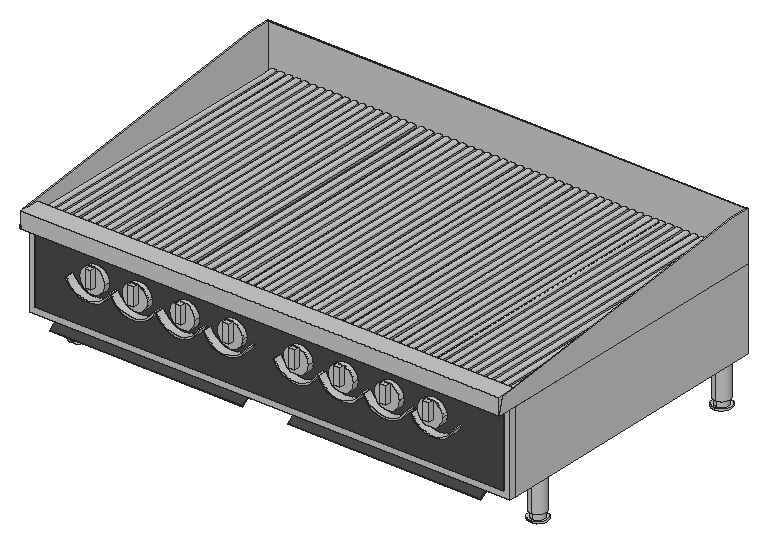
Revit family "QF_Vollrath_948CG", category Specialty Equipment, Revit 2016
Family settings
  Part Type = Normal
  Round Connector Dimension = Use Diameter
  OmniClass Number = 23.40.40.14.17.21
  OmniClass Title = Grills
  Work Plane-Based = No
  Always vertical = Yes
  Cut with Voids When Loaded = No
  Shared = No
  Room Calculation Point = No
Parameters (values of type "948CG")
  Width = 48.00"
  Weight in Pounds = 510
  Watermarked By = "http://revitwatermark.com"
  URL Cutsheet = ""
  URL = ""
  Status [instance] = ""
  Specification by User [instance] = ""
  Specification by Manufacturer [instance] = ""
  Serial Number [instance] = ""
  Seismic Rating [instance] = ""
  Revision Code [instance] = ""
  NAFEM Spec ID Number [instance] = ""
  Model = "948CG"
  Mechanical Remarks [instance] = ""
  Mechanical Connection Type [instance] = ""
  Masterspec [instance] = ""
  Manufacturer = "Vollrath"
  Length = 31.00"
  Item Number [instance] = "-"
  Installed By [instance] = ""
  Height AFF [instance] = 36.00"
  Gas Size = 3/4"
  Gas RI Height [instance] = 0.00"
  Gas Input = 160000.0 Btu/h
  Gas Connection Height [instance] = Height AFF + 5.375"  # 41.375"
  Furnished By [instance] = ""
  Foodservice Equipment Identifier [instance] = yes
  Description = "Heavy Duty Charbroiler"
  CSI MasterFormat = "11 44 00"
  Assembly Code = "E1090320"
Reference planes (in)
  plane 1: z = 0
  plane 2 "BOTTOM": z = 36
  plane 3 "LEFT CLEARANCE": x = -30.72076
  plane 4 "RIGHT CLEARANCE": x = 29.27924
  plane 5 "BACK CLEARANCE": y = 6
  plane 6 "FRONT": y = -31
  plane 7 "Top of Legs": z = 40
  plane 8 "LEFT": x = -24.72076
  plane 9 "RIGHT": x = 23.27924
  plane 10 "BACK": y = 0
  plane 11: z = 39.75
  plane 12: z = 39.5
  plane 13: x = -22.40972
  plane 14: x = -18.72076
  plane 15: x = -15.03179
  plane 16: z = 41.5
  plane 17: x = -12.72076
  plane 18: y = -0.125
  plane 19: x = -24.59576
  plane 20: z = 48.06
  plane 21: x = -6.72076
  plane 22 "TOP": z = 53.06
  plane 23: x = 2.27924
  plane 24: x = 8.27924
  plane 25: y = -53.12109
  plane 26: z = 48.51943
  plane 27: x = -0.72076
  plane 28: x = 5.27924
  plane 29: y = 1.5
Forms (in)
  Extrusion 1, solid, material "QF_Finishes_Stainless Steel"
    sketch origin (0, 0, 36) x (0, 1, 0) y (-1, 0, 0)
      loop
        circle (-2, 23.59576) r 0.9375
    from 0 to 0.125
  Extrusion 2, solid, material "QF_Finishes_Stainless Steel"
    sketch origin (0, 0, 36) x (0, 1, 0) y (-1, 0, 0)
      loop
        circle (-2, 23.59576) r 0.625
    from 0.125 to 0.75
  Extrusion 3, solid, material "QF_Finishes_Stainless Steel"
    sketch origin (0, 0, 36) x (0, 1, 0) y (-1, 0, 0)
      loop
        circle (-2, 23.59576) r 0.8125
    from 0.75 to 4
  Extrusion 4, solid, material "QF_Finishes_Stainless Steel"
    sketch origin (33.375, 0, 36) x (0, 1, 0) y (-1, 0, 0)
      loop
        circle (-2, 11.09576) r 0.9375
    from 0 to 0.125
  Extrusion 5, solid, material "QF_Finishes_Stainless Steel"
    sketch origin (33.375, 0, 36) x (0, 1, 0) y (-1, 0, 0)
      loop
        circle (-2, 11.09576) r 0.625
    from 0.125 to 0.75
  Extrusion 6, solid, material "QF_Finishes_Stainless Steel"
    sketch origin (33.375, 0, 36) x (0, 1, 0) y (-1, 0, 0)
      loop
        circle (-2, 11.09576) r 0.8125
    from 0.75 to 4
  Extrusion 7, solid, material "QF_Finishes_Stainless Steel"
    sketch origin (33.375, -24, 36) x (0, 1, 0) y (-1, 0, 0)
      loop
        circle (-1, 11.09576) r 0.9375
    from 0 to 0.125
  Extrusion 8, solid, material "QF_Finishes_Stainless Steel"
    sketch origin (33.375, -24, 36) x (0, 1, 0) y (-1, 0, 0)
      loop
        circle (-1, 11.09576) r 0.625
    from 0.125 to 0.75
  Extrusion 9, solid, material "QF_Finishes_Stainless Steel"
    sketch origin (33.375, -24, 36) x (0, 1, 0) y (-1, 0, 0)
      loop
        circle (-1, 11.09576) r 0.8125
    from 0.75 to 4
  Extrusion 10, solid, material "QF_Finishes_Stainless Steel"
    sketch origin (0, -24, 36) x (0, 1, 0) y (-1, 0, 0)
      loop
        circle (-1, 23.59576) r 0.9375
    from 0 to 0.125
  Extrusion 11, solid, material "QF_Finishes_Stainless Steel"
    sketch origin (0, -24, 36) x (0, 1, 0) y (-1, 0, 0)
      loop
        circle (-1, 23.59576) r 0.625
    from 0.125 to 0.75
  Extrusion 12, solid, material "QF_Finishes_Stainless Steel"
    sketch origin (0, -24, 36) x (0, 1, 0) y (-1, 0, 0)
      loop
        circle (-1, 23.59576) r 0.8125
    from 0.75 to 4
  Extrusion 13, solid, material "QF_Finishes_Stainless Steel"
    sketch origin (0, 0, 36) x (0, 1, 0) y (-1, 0, 0)
      loop
        line (0, 24.72076) -> (-29.04599, 24.72076) -> (-29.04599, -23.27924) -> (0, -23.27924) -> (0, 24.72076)
    from 4 to 12.05982
  Extrusion 14, solid, material "QF_Finishes_Black"
    sketch origin (0, 0, 0) x (1, 0, 0) y (0, 0, 1)
      loop
        line (-22.40972, 40) -> (-22.40972, 39.75) -> (-3.15972, 39.75) -> (-3.15972, 40) -> (-22.40972, 40)
    from 19.63646 to 29.04599
  Extrusion 15, solid, material "QF_Finishes_Black"
    sketch origin (0, 0, 0) x (1, 0, 0) y (0, 0, 1)
      loop
        line (-22.40972, 39.75) -> (-22.40972, 39.5) -> (-3.15972, 39.5) -> (-3.15972, 39.75) -> (-22.40972, 39.75)
    from 19.63646 to 29.04599
  Extrusion 16, solid, material "QF_Finishes_Black"
    sketch origin (0, -4, 0) x (1, 0, 0) y (0, 0, 1)
      loop
        line (-24.21829, 47.52818) -> (-24.21829, 40.59949) -> (22.65671, 40.59949) -> (22.65671, 47.52818) -> (-24.21829, 47.52818)
      loop
        circle (-13.79502, 45.36228) r 1.25
      loop
        circle (-18.04502, 45.36228) r 1.25
      loop
        circle (-9.04502, 45.36228) r 1.25
      loop
        circle (-4.29502, 45.36228) r 1.25
      loop
        circle (6.79531, 45.36228) r 1.25
      loop
        circle (2.29531, 45.36228) r 1.25
      loop
        circle (11.45498, 45.36228) r 1.25
      loop
        circle (15.70498, 45.36228) r 1.25
    from 25.04599 to 25.75
  Extrusion 17, solid, material "QF_Finishes_Stainless Steel"
    sketch origin (3.75, -4, 0) x (1, 0, 0) y (0, 0, 1)
      loop
        circle (-21.79502, 45.36228) r 1.25
    from 25.04599 to 26.25
  Extrusion 18, solid, material "QF_Finishes_Stainless Steel"
    sketch origin (3.75, -4, 0) x (1, 0, 0) y (0, 0, 1)
      loop
        line (-22.10719, 46.57267) -> (-22.10719, 44.83472) -> (-21.55452, 44.83472) -> (-21.55452, 46.57267) -> (-22.10719, 46.57267)
    from 26.25 to 26.75
  Extrusion 19, solid, material "QF_Finishes_Stainless Steel"
    sketch origin (17.5, -4, 0) x (1, 0, 0) y (0, 0, 1)
      loop
        circle (-21.79502, 45.36228) r 1.25
    from 25.04599 to 26.25
  Extrusion 20, solid, material "QF_Finishes_Stainless Steel"
    sketch origin (17.5, -4, 0) x (1, 0, 0) y (0, 0, 1)
      loop
        line (-22.10719, 46.57267) -> (-22.10719, 44.83472) -> (-21.55452, 44.83472) -> (-21.55452, 46.57267) -> (-22.10719, 46.57267)
    from 26.25 to 26.75
  Extrusion 21, solid, material "QF_Finishes_Black"
    sketch origin (-24.72076, 0, 0) x (0, 1, 0) y (0, 0, 1)
      loop
        line (-29.04599, 39.75) -> (-29.04599, 39.81748)
        arc (-29.04599, 39.81748) -> (-29.64263, 39.6735) -> (-30.1385, 39.31181) r 1.57025
        line (-30.1385, 39.31181) -> (-30.07487, 39.24818)
        arc (-30.07487, 39.24818) -> (-29.60779, 39.59619) -> (-29.04599, 39.75) r 1.57025
    from 2.31103 to 21.56103
  Extrusion 22, solid, material "QF_Finishes_Clearances", detail levels coarse
    sketch origin (0, 0, 36) x (0, 1, 0) y (-1, 0, 0)
      loop
        line (6, 30.72076) -> (-31, 30.72076) -> (-31, 24.72076) -> (6, 24.72076) -> (6, 30.72076)
    from 0 to 17.06
  Extrusion 23, solid, material "QF_Finishes_Clearances", detail levels coarse
    sketch origin (0, 0, 36) x (0, 1, 0) y (-1, 0, 0)
      loop
        line (6, -23.27924) -> (-31, -23.27924) -> (-31, -29.27924) -> (6, -29.27924) -> (6, -23.27924)
    from 0 to 17.06
  Extrusion 24, solid, material "QF_Finishes_Clearances", detail levels coarse
    sketch origin (0, 0, 36) x (0, 1, 0) y (-1, 0, 0)
      loop
        line (6, 24.72076) -> (0, 24.72076) -> (0, -23.27924) -> (6, -23.27924) -> (6, 24.72076)
    from 0 to 17.06
  Extrusion 25, solid, material "QF_Finishes_Stainless Steel"
    sketch origin (21.30465, 0, 0) x (1, 0, 0) y (0, 0, 1)
      loop
        circle (-15.53179, 41.5) r 0.375
    from -1.5 to 0
  Extrusion 26, solid, material "QF_Finishes_Stainless Steel"
    sketch origin (-36.59576, 0, 0) x (0, 1, 0) y (0, 0, 1)
      loop
        line (-30.61071, 49.60402) -> (-31.00644, 48.06) -> (0, 48.06) -> (0, 53.06) -> (-2.02013, 53.06) -> (-30.61071, 49.60402)
    from 11.875 to 12
  Extrusion 27, solid, material "QF_Finishes_Stainless Steel"
    sketch origin (-24.72076, 0, 0) x (0, 1, 0) y (0, 0, 1)
      loop
        line (-29.04599, 48.06) -> (-29.04599, 49.685) -> (-31, 49.685) -> (-31, 48.06) -> (-29.04599, 48.06)
    from 0.125 to 47.875
  Extrusion 28, solid, material "QF_Finishes_Stainless Steel"
    sketch origin (0, -4, 0) x (1, 0, 0) y (0, 0, 1)
      loop
        line (-24.72076, 48.06) -> (-24.72076, 40) -> (23.27924, 40) -> (23.27924, 48.06) -> (-24.72076, 48.06)
      loop
        line (-24.21829, 47.52818) -> (-24.21829, 40.59949) -> (22.65671, 40.59949) -> (22.65671, 47.52818) -> (-24.21829, 47.52818)
    from 25.04599 to 25.75
  Extrusion 29, solid, material "QF_Finishes_Stainless Steel"
    sketch origin (11.27924, 0, 0) x (0, 1, 0) y (0, 0, 1)
      loop
        line (-30.61026, 49.58067) -> (-31, 48.06) -> (0, 48.06) -> (0, 53.06) -> (-1.85356, 53.06) -> (-30.61026, 49.58067)
    from 11.875 to 12
  Extrusion 30, solid, material "QF_Finishes_Stainless Steel"
    sketch origin (-24.72076, 0, 0) x (0, 1, 0) y (0, 0, 1)
      loop
        line (-0.125, 53.06) -> (-0.125, 48.06) -> (0, 48.06) -> (0, 53.06) -> (-0.125, 53.06)
    from 0 to 48
  Extrusion 31, solid, material "QF_Finishes_Polished Steel"
    sketch origin (0, 0, 0.5) x (1, 0, 0) y (0, 0, 1)
      loop
        circle (-24.02485, 48.31421) r 0.25
    from 0 to 29.04599
  Extrusion 32, solid, material "QF_Finishes_Polished Steel"
    sketch origin (0.8089, 0, 0.5) x (1, 0, 0) y (0, 0, 1)
      loop
        circle (-24.02485, 48.31421) r 0.25
    from 0 to 29.04599
  Extrusion 33, solid, material "QF_Finishes_Polished Steel"
    sketch origin (1.62977, 0, 0.5) x (1, 0, 0) y (0, 0, 1)
      loop
        circle (-24.02485, 48.31421) r 0.25
    from 0 to 29.04599
  Extrusion 34, solid, material "QF_Finishes_Polished Steel"
    sketch origin (2.43868, 0, 0.5) x (1, 0, 0) y (0, 0, 1)
      loop
        circle (-24.02485, 48.31421) r 0.25
    from 0 to 29.04599
  Extrusion 35, solid, material "QF_Finishes_Polished Steel"
    sketch origin (3.25954, 0, 0.5) x (1, 0, 0) y (0, 0, 1)
      loop
        circle (-24.02485, 48.31421) r 0.25
    from 0 to 29.04599
  Extrusion 36, solid, material "QF_Finishes_Polished Steel"
    sketch origin (4.06845, 0, 0.5) x (1, 0, 0) y (0, 0, 1)
      loop
        circle (-24.02485, 48.31421) r 0.25
    from 0 to 29.04599
  Extrusion 37, solid, material "QF_Finishes_Polished Steel"
    sketch origin (4.88932, 0, 0.5) x (1, 0, 0) y (0, 0, 1)
      loop
        circle (-24.02485, 48.31421) r 0.25
    from 0 to 29.04599
  Extrusion 38, solid, material "QF_Finishes_Polished Steel"
    sketch origin (5.69822, 0, 0.5) x (1, 0, 0) y (0, 0, 1)
      loop
        circle (-24.02485, 48.31421) r 0.25
    from 0 to 29.04599
  Extrusion 39, solid, material "QF_Finishes_Polished Steel"
    sketch origin (6.51909, 0, 0.5) x (1, 0, 0) y (0, 0, 1)
      loop
        circle (-24.02485, 48.31421) r 0.25
    from 0 to 29.04599
  Extrusion 40, solid, material "QF_Finishes_Polished Steel"
    sketch origin (7.32799, 0, 0.5) x (1, 0, 0) y (0, 0, 1)
      loop
        circle (-24.02485, 48.31421) r 0.25
    from 0 to 29.04599
  Extrusion 41, solid, material "QF_Finishes_Polished Steel"
    sketch origin (8.14886, 0, 0.5) x (1, 0, 0) y (0, 0, 1)
      loop
        circle (-24.02485, 48.31421) r 0.25
    from 0 to 29.04599
  Extrusion 42, solid, material "QF_Finishes_Polished Steel"
    sketch origin (8.95777, 0, 0.5) x (1, 0, 0) y (0, 0, 1)
      loop
        circle (-24.02485, 48.31421) r 0.25
    from 0 to 29.04599
  Extrusion 43, solid, material "QF_Finishes_Polished Steel"
    sketch origin (9.76477, 0, 0.5) x (1, 0, 0) y (0, 0, 1)
      loop
        circle (-24.02485, 48.31421) r 0.25
    from 0 to 29.04599
  Extrusion 44, solid, material "QF_Finishes_Polished Steel"
    sketch origin (10.57367, 0, 0.5) x (1, 0, 0) y (0, 0, 1)
      loop
        circle (-24.02485, 48.31421) r 0.25
    from 0 to 29.04599
  Extrusion 45, solid, material "QF_Finishes_Polished Steel"
    sketch origin (11.39454, 0, 0.5) x (1, 0, 0) y (0, 0, 1)
      loop
        circle (-24.02485, 48.31421) r 0.25
    from 0 to 29.04599
  Extrusion 46, solid, material "QF_Finishes_Polished Steel"
    sketch origin (12.26638, 0, 0.5) x (1, 0, 0) y (0, 0, 1)
      loop
        circle (-24.02485, 48.31421) r 0.25
    from 0 to 29.04599
  Extrusion 47, solid, material "QF_Finishes_Polished Steel"
    sketch origin (13.08724, 0, 0.5) x (1, 0, 0) y (0, 0, 1)
      loop
        circle (-24.02485, 48.31421) r 0.25
    from 0 to 29.04599
  Extrusion 48, solid, material "QF_Finishes_Polished Steel"
    sketch origin (13.89615, 0, 0.5) x (1, 0, 0) y (0, 0, 1)
      loop
        circle (-24.02485, 48.31421) r 0.25
    from 0 to 29.04599
  Extrusion 49, solid, material "QF_Finishes_Polished Steel"
    sketch origin (15.40006, 0, 0.5) x (1, 0, 0) y (0, 0, 1)
      loop
        circle (-24.52485, 48.31421) r 0.25
    from 0 to 29.04599
  Extrusion 50, solid, material "QF_Finishes_Polished Steel"
    sketch origin (16.22092, 0, 0.5) x (1, 0, 0) y (0, 0, 1)
      loop
        circle (-24.52485, 48.31421) r 0.25
    from 0 to 29.04599
  Extrusion 51, solid, material "QF_Finishes_Polished Steel"
    sketch origin (17.09276, 0, 0.5) x (1, 0, 0) y (0, 0, 1)
      loop
        circle (-24.52485, 48.31421) r 0.25
    from 0 to 29.04599
  Extrusion 52, solid, material "QF_Finishes_Polished Steel"
    sketch origin (17.91363, 0, 0.5) x (1, 0, 0) y (0, 0, 1)
      loop
        circle (-24.52485, 48.31421) r 0.25
    from 0 to 29.04599
  Extrusion 53, solid, material "QF_Finishes_Polished Steel"
    sketch origin (18.72253, 0, 0.5) x (1, 0, 0) y (0, 0, 1)
      loop
        circle (-24.52485, 48.31421) r 0.25
    from 0 to 29.04599
  Extrusion 54, solid, material "QF_Finishes_Polished Steel"
    sketch origin (19.5434, 0, 0.5) x (1, 0, 0) y (0, 0, 1)
      loop
        circle (-24.52485, 48.31421) r 0.25
    from 0 to 29.04599
  Extrusion 55, solid, material "QF_Finishes_Polished Steel"
    sketch origin (20.3523, 0, 0.5) x (1, 0, 0) y (0, 0, 1)
      loop
        circle (-24.52485, 48.31421) r 0.25
    from 0 to 29.04599
  Extrusion 56, solid, material "QF_Finishes_Polished Steel"
    sketch origin (21.17317, 0, 0.5) x (1, 0, 0) y (0, 0, 1)
      loop
        circle (-24.52485, 48.31421) r 0.25
    from 0 to 29.04599
  Extrusion 57, solid, material "QF_Finishes_Polished Steel"
    sketch origin (21.98208, 0, 0.5) x (1, 0, 0) y (0, 0, 1)
      loop
        circle (-24.52485, 48.31421) r 0.25
    from 0 to 29.04599
  Extrusion 58, solid, material "QF_Finishes_Polished Steel"
    sketch origin (22.80294, 0, 0.5) x (1, 0, 0) y (0, 0, 1)
      loop
        circle (-24.52485, 48.31421) r 0.25
    from 0 to 29.04599
  Extrusion 59, solid, material "QF_Finishes_Polished Steel"
    sketch origin (23.61185, 0, 0.5) x (1, 0, 0) y (0, 0, 1)
      loop
        circle (-24.52485, 48.31421) r 0.25
    from 0 to 29.04599
  Extrusion 60, solid, material "QF_Finishes_Polished Steel"
    sketch origin (24.43272, 0, 0.5) x (1, 0, 0) y (0, 0, 1)
      loop
        circle (-24.52485, 48.31421) r 0.25
    from 0 to 29.04599
  Extrusion 61, solid, material "QF_Finishes_Polished Steel"
    sketch origin (25.24162, 0, 0.5) x (1, 0, 0) y (0, 0, 1)
      loop
        circle (-24.52485, 48.31421) r 0.25
    from 0 to 29.04599
  Extrusion 62, solid, material "QF_Finishes_Polished Steel"
    sketch origin (26.06249, 0, 0.5) x (1, 0, 0) y (0, 0, 1)
      loop
        circle (-24.52485, 48.31421) r 0.25
    from 0 to 29.04599
  Extrusion 63, solid, material "QF_Finishes_Polished Steel"
    sketch origin (26.87139, 0, 0.5) x (1, 0, 0) y (0, 0, 1)
      loop
        circle (-12.02485, 48.31421) r 0.25
    from 0 to 29.04599
  Extrusion 64, solid, material "QF_Finishes_Polished Steel"
    sketch origin (27.69226, 0, 0.5) x (1, 0, 0) y (0, 0, 1)
      loop
        circle (-12.02485, 48.31421) r 0.25
    from 0 to 29.04599
  Extrusion 65, solid, material "QF_Finishes_Polished Steel"
    sketch origin (28.50117, 0, 0.5) x (1, 0, 0) y (0, 0, 1)
      loop
        circle (-12.02485, 48.31421) r 0.25
    from 0 to 29.04599
  Extrusion 66, solid, material "QF_Finishes_Polished Steel"
    sketch origin (29.32203, 0, 0.5) x (1, 0, 0) y (0, 0, 1)
      loop
        circle (-12.02485, 48.31421) r 0.25
    from 0 to 29.04599
  Extrusion 67, solid, material "QF_Finishes_Polished Steel"
    sketch origin (30.13094, 0, 0.5) x (1, 0, 0) y (0, 0, 1)
      loop
        circle (-12.02485, 48.31421) r 0.25
    from 0 to 29.04599
  Extrusion 68, solid, material "QF_Finishes_Polished Steel"
    sketch origin (30.9518, 0, 0.5) x (1, 0, 0) y (0, 0, 1)
      loop
        circle (-12.02485, 48.31421) r 0.25
    from 0 to 29.04599
  Extrusion 69, solid, material "QF_Finishes_Polished Steel"
    sketch origin (31.76071, 0, 0.5) x (1, 0, 0) y (0, 0, 1)
      loop
        circle (-12.02485, 48.31421) r 0.25
    from 0 to 29.04599
  Extrusion 70, solid, material "QF_Finishes_Polished Steel"
    sketch origin (32.58158, 0, 0.5) x (1, 0, 0) y (0, 0, 1)
      loop
        circle (-12.02485, 48.31421) r 0.25
    from 0 to 29.04599
  Extrusion 71, solid, material "QF_Finishes_Polished Steel"
    sketch origin (33.40244, 0, 0.5) x (1, 0, 0) y (0, 0, 1)
      loop
        circle (-12.02485, 48.31421) r 0.25
    from 0 to 29.04599
  Extrusion 72, solid, material "QF_Finishes_Polished Steel"
    sketch origin (34.21135, 0, 0.5) x (1, 0, 0) y (0, 0, 1)
      loop
        circle (-12.02485, 48.31421) r 0.25
    from 0 to 29.04599
  Extrusion 73, solid, material "QF_Finishes_Stainless Steel"
    sketch origin (13.25, -4, 0) x (1, 0, 0) y (0, 0, 1)
      loop
        circle (-22.29502, 45.36228) r 1.25
    from 25.04599 to 26.25
  Extrusion 74, solid, material "QF_Finishes_Stainless Steel"
    sketch origin (13.25, -4, 0) x (1, 0, 0) y (0, 0, 1)
      loop
        line (-22.60719, 46.57267) -> (-22.60719, 44.83472) -> (-22.05452, 44.83472) -> (-22.05452, 46.57267) -> (-22.60719, 46.57267)
    from 26.25 to 26.75
  Extrusion 75, solid, material "QF_Finishes_Polished Steel"
    sketch origin (26.78759, 0, 0.5) x (1, 0, 0) y (0, 0, 1)
      loop
        circle (-24.52485, 48.31421) r 0.25
    from 0 to 29.04599
  Extrusion 76, solid, material "QF_Finishes_Polished Steel"
    sketch origin (27.59649, 0, 0.5) x (1, 0, 0) y (0, 0, 1)
      loop
        circle (-24.52485, 48.31421) r 0.25
    from 0 to 29.04599
  Extrusion 77, solid, material "QF_Finishes_Polished Steel"
    sketch origin (28.41736, 0, 0.5) x (1, 0, 0) y (0, 0, 1)
      loop
        circle (-24.52485, 48.31421) r 0.25
    from 0 to 29.04599
  Extrusion 78, solid, material "QF_Finishes_Polished Steel"
    sketch origin (29.22627, 0, 0.5) x (1, 0, 0) y (0, 0, 1)
      loop
        circle (-24.52485, 48.31421) r 0.25
    from 0 to 29.04599
  Extrusion 79, solid, material "QF_Finishes_Polished Steel"
    sketch origin (30.04713, 0, 0.5) x (1, 0, 0) y (0, 0, 1)
      loop
        circle (-24.52485, 48.31421) r 0.25
    from 0 to 29.04599
  Extrusion 80, solid, material "QF_Finishes_Polished Steel"
    sketch origin (30.85604, 0, 0.5) x (1, 0, 0) y (0, 0, 1)
      loop
        circle (-24.52485, 48.31421) r 0.25
    from 0 to 29.04599
  Extrusion 81, solid, material "QF_Finishes_Polished Steel"
    sketch origin (31.67691, 0, 0.5) x (1, 0, 0) y (0, 0, 1)
      loop
        circle (-24.52485, 48.31421) r 0.25
    from 0 to 29.04599
  Extrusion 82, solid, material "QF_Finishes_Polished Steel"
    sketch origin (32.48581, 0, 0.5) x (1, 0, 0) y (0, 0, 1)
      loop
        circle (-24.52485, 48.31421) r 0.25
    from 0 to 29.04599
  Extrusion 83, solid, material "QF_Finishes_Polished Steel"
    sketch origin (33.30668, 0, 0.5) x (1, 0, 0) y (0, 0, 1)
      loop
        circle (-24.52485, 48.31421) r 0.25
    from 0 to 29.04599
  Extrusion 84, solid, material "QF_Finishes_Polished Steel"
    sketch origin (34.03178, 0, 0.5) x (1, 0, 0) y (0, 0, 1)
      loop
        circle (-24.52485, 48.31421) r 0.25
    from 0 to 29.04599
  Extrusion 85, solid, material "QF_Finishes_Polished Steel"
    sketch origin (34.85265, 0, 0.5) x (1, 0, 0) y (0, 0, 1)
      loop
        circle (-24.52485, 48.31421) r 0.25
    from 0 to 29.04599
  Extrusion 86, solid, material "QF_Finishes_Polished Steel"
    sketch origin (35.66155, 0, 0.5) x (1, 0, 0) y (0, 0, 1)
      loop
        circle (-24.52485, 48.31421) r 0.25
    from 0 to 29.04599
  Extrusion 87, solid, material "QF_Finishes_Polished Steel"
    sketch origin (36.48242, 0, 0.5) x (1, 0, 0) y (0, 0, 1)
      loop
        circle (-24.52485, 48.31421) r 0.25
    from 0 to 29.04599
  Extrusion 88, solid, material "QF_Finishes_Polished Steel"
    sketch origin (37.20752, 0, 0.5) x (1, 0, 0) y (0, 0, 1)
      loop
        circle (-24.52485, 48.31421) r 0.25
    from 0 to 29.04599
  Extrusion 89, solid, material "QF_Finishes_Polished Steel"
    sketch origin (38.02839, 0, 0.5) x (1, 0, 0) y (0, 0, 1)
      loop
        circle (-24.52485, 48.31421) r 0.25
    from 0 to 29.04599
  Extrusion 90, solid, material "QF_Finishes_Polished Steel"
    sketch origin (38.75349, 0, 0.5) x (1, 0, 0) y (0, 0, 1)
      loop
        circle (-24.52485, 48.31421) r 0.25
    from 0 to 29.04599
  Extrusion 91, solid, material "QF_Finishes_Stainless Steel"
    sketch origin (8, -4, 0) x (1, 0, 0) y (0, 0, 1)
      loop
        circle (-21.79502, 45.36228) r 1.25
    from 25.04599 to 26.25
  Extrusion 92, solid, material "QF_Finishes_Stainless Steel"
    sketch origin (8, -4, 0) x (1, 0, 0) y (0, 0, 1)
      loop
        line (-22.10719, 46.57267) -> (-22.10719, 44.83472) -> (-21.55452, 44.83472) -> (-21.55452, 46.57267) -> (-22.10719, 46.57267)
    from 26.25 to 26.75
  Extrusion 93, solid, material "QF_Finishes_Stainless Steel"
    sketch origin (24.09033, -4, 0) x (1, 0, 0) y (0, 0, 1)
      loop
        circle (-21.79502, 45.36228) r 1.25
    from 25.04599 to 26.25
  Extrusion 94, solid, material "QF_Finishes_Stainless Steel"
    sketch origin (24.09033, -4, 0) x (1, 0, 0) y (0, 0, 1)
      loop
        line (-22.10719, 46.57267) -> (-22.10719, 44.83472) -> (-21.55452, 44.83472) -> (-21.55452, 46.57267) -> (-22.10719, 46.57267)
    from 26.25 to 26.75
  Extrusion 95, solid, material "QF_Finishes_Stainless Steel"
    sketch origin (37.5, -4, 0) x (1, 0, 0) y (0, 0, 1)
      loop
        circle (-21.79502, 45.36228) r 1.25
    from 25.04599 to 26.25
  Extrusion 96, solid, material "QF_Finishes_Stainless Steel"
    sketch origin (37.5, -4, 0) x (1, 0, 0) y (0, 0, 1)
      loop
        line (-22.10719, 46.57267) -> (-22.10719, 44.83472) -> (-21.55452, 44.83472) -> (-21.55452, 46.57267) -> (-22.10719, 46.57267)
    from 26.25 to 26.75
  Extrusion 97, solid, material "QF_Finishes_Stainless Steel"
    sketch origin (33.68356, -4, 0) x (1, 0, 0) y (0, 0, 1)
      loop
        circle (-22.29502, 45.36228) r 1.25
    from 25.04599 to 26.25
  Extrusion 98, solid, material "QF_Finishes_Stainless Steel"
    sketch origin (33.68356, -4, 0) x (1, 0, 0) y (0, 0, 1)
      loop
        line (-22.60719, 46.57267) -> (-22.60719, 44.83472) -> (-22.05452, 44.83472) -> (-22.05452, 46.57267) -> (-22.60719, 46.57267)
    from 26.25 to 26.75
  Extrusion 99, solid, material "QF_Finishes_Stainless Steel"
    sketch origin (28.59033, -4, 0) x (1, 0, 0) y (0, 0, 1)
      loop
        circle (-21.79502, 45.36228) r 1.25
    from 25.04599 to 26.25
  Extrusion 100, solid, material "QF_Finishes_Stainless Steel"
    sketch origin (28.59033, -4, 0) x (1, 0, 0) y (0, 0, 1)
      loop
        line (-22.10719, 46.57267) -> (-22.10719, 44.83472) -> (-21.55452, 44.83472) -> (-21.55452, 46.57267) -> (-22.10719, 46.57267)
    from 26.25 to 26.75
  Extrusion 101, solid, material "QF_Finishes_Black"
    sketch origin (23.79022, 0, 0) x (1, 0, 0) y (0, 0, 1)
      loop
        line (-22.40972, 40) -> (-22.40972, 39.75) -> (-3.15972, 39.75) -> (-3.15972, 40) -> (-22.40972, 40)
    from 19.63646 to 29.04599
  Extrusion 102, solid, material "QF_Finishes_Black"
    sketch origin (23.79022, 0, 0) x (1, 0, 0) y (0, 0, 1)
      loop
        line (-22.40972, 39.75) -> (-22.40972, 39.5) -> (-3.15972, 39.5) -> (-3.15972, 39.75) -> (-22.40972, 39.75)
    from 19.63646 to 29.04599
  Extrusion 103, solid, material "QF_Finishes_Black"
    sketch origin (-0.93053, 0, 0) x (0, 1, 0) y (0, 0, 1)
      loop
        line (-29.04599, 39.75) -> (-29.04599, 39.81748)
        arc (-29.04599, 39.81748) -> (-29.64263, 39.6735) -> (-30.1385, 39.31181) r 1.57025
        line (-30.1385, 39.31181) -> (-30.07487, 39.24818)
        arc (-30.07487, 39.24818) -> (-29.60779, 39.59619) -> (-29.04599, 39.75) r 1.57025
    from 2.31103 to 21.56103
  Extrusion 104, solid, material "QF_Finishes_Black"
    sketch origin (0, 0, 0) x (1, 0, 0) y (0, 0, 1)
      loop
        line (-24.59576, 48.05982) -> (23.15424, 48.05982) -> (23.15424, 48.51943) -> (-24.59576, 48.51943) -> (-24.59576, 48.05982)
    from 0 to 29.04599
  Sweep 105, solid, material "QF_Finishes_Stainless Steel"
    path origin (1.93094, -30.63083, 0.93828) x (1, 0, 0) y (0, 0, 1)
      loop
        arc (-22.40972, 44.02818) -> (-20.15972, 42.59334) -> (-17.90972, 44.02818) r 2.48155
    profile origin (-18.22879, -30.63083, 43.53162) x (0, 0, 1) y (0, -1, 0)
      loop
        line (0, 0) -> (0, -0.83484) -> (0.14592, -0.83484) -> (0.14592, 0) -> (0, 0)
  Sweep 106, solid, material "QF_Finishes_Stainless Steel"
    path origin (6.43094, -30.63083, 0.93828) x (1, 0, 0) y (0, 0, 1)
      loop
        arc (-22.40972, 44.02818) -> (-20.15972, 42.59334) -> (-17.90972, 44.02818) r 2.48155
    profile origin (-13.72879, -30.63083, 43.53162) x (0, 0, 1) y (0, -1, 0)
      loop
        line (0, 0) -> (0, -0.83484) -> (0.14592, -0.83484) -> (0.14592, 0) -> (0, 0)
  Sweep 107, solid, material "QF_Finishes_Stainless Steel"
    path origin (10.93094, -30.63083, 0.93828) x (1, 0, 0) y (0, 0, 1)
      loop
        arc (-22.40972, 44.02818) -> (-20.15972, 42.59334) -> (-17.90972, 44.02818) r 2.48155
    profile origin (-9.22879, -30.63083, 43.53162) x (0, 0, 1) y (0, -1, 0)
      loop
        line (0, 0) -> (0, -0.83484) -> (0.14592, -0.83484) -> (0.14592, 0) -> (0, 0)
  Sweep 108, solid, material "QF_Finishes_Stainless Steel"
    path origin (15.68094, -30.63083, 0.93828) x (1, 0, 0) y (0, 0, 1)
      loop
        arc (-22.40972, 44.02818) -> (-20.15972, 42.59334) -> (-17.90972, 44.02818) r 2.48155
    profile origin (-4.47879, -30.63083, 43.53162) x (0, 0, 1) y (0, -1, 0)
      loop
        line (0, 0) -> (0, -0.83484) -> (0.14592, -0.83484) -> (0.14592, 0) -> (0, 0)
  Sweep 109, solid, material "QF_Finishes_Stainless Steel"
    path origin (22.68094, -30.63083, 0.93828) x (1, 0, 0) y (0, 0, 1)
      loop
        arc (-22.40972, 44.02818) -> (-20.15972, 42.59334) -> (-17.90972, 44.02818) r 2.48155
    profile origin (2.52121, -30.63083, 43.53162) x (0, 0, 1) y (0, -1, 0)
      loop
        line (0, 0) -> (0, -0.83484) -> (0.14592, -0.83484) -> (0.14592, 0) -> (0, 0)
  Sweep 110, solid, material "QF_Finishes_Stainless Steel"
    path origin (27.18094, -30.63083, 0.93828) x (1, 0, 0) y (0, 0, 1)
      loop
        arc (-22.40972, 44.02818) -> (-20.15972, 42.59334) -> (-17.90972, 44.02818) r 2.48155
    profile origin (7.02121, -30.63083, 43.53162) x (0, 0, 1) y (0, -1, 0)
      loop
        line (0, 0) -> (0, -0.83484) -> (0.14592, -0.83484) -> (0.14592, 0) -> (0, 0)
  Sweep 111, solid, material "QF_Finishes_Stainless Steel"
    path origin (31.68094, -30.63083, 0.93828) x (1, 0, 0) y (0, 0, 1)
      loop
        arc (-22.40972, 44.02818) -> (-20.15972, 42.59334) -> (-17.90972, 44.02818) r 2.48155
    profile origin (11.52121, -30.63083, 43.53162) x (0, 0, 1) y (0, -1, 0)
      loop
        line (0, 0) -> (0, -0.83484) -> (0.14592, -0.83484) -> (0.14592, 0) -> (0, 0)
  Sweep 112, solid, material "QF_Finishes_Stainless Steel"
    path origin (36.43094, -30.63083, 0.93828) x (1, 0, 0) y (0, 0, 1)
      loop
        arc (-22.40972, 44.02818) -> (-20.15972, 42.59334) -> (-17.90972, 44.02818) r 2.48155
    profile origin (16.27121, -30.63083, 43.53162) x (0, 0, 1) y (0, -1, 0)
      loop
        line (0, 0) -> (0, -0.83484) -> (0.14592, -0.83484) -> (0.14592, 0) -> (0, 0)
Lines and regions (in)
  symbolic lines, style "QF_Clearances", detail levels coarse
    curve 1: line (-30.72076, -31, 36) -> (-30.72076, 6, 36)
    curve 2: line (-30.72076, 6, 36) -> (-24.72076, 6, 36)
    curve 3: line (-24.72076, 6, 36) -> (23.27924, 6, 36)
    curve 4: line (23.27924, 6, 36) -> (29.27924, 6, 36)
    curve 5: line (29.27924, 6, 36) -> (29.27924, -31, 36)
    curve 34: line (-22.40972, -31, 36) -> (-22.40972, -53.12109, 36)
    curve 35: line (-22.40972, -53.12109, 36) -> (-4.40972, -53.12109, 36)
    curve 36: line (-4.40972, -53.12109, 36) -> (-4.40972, -31, 36)
    curve 37: line (2.59028, -31, 36) -> (2.59028, -53.12109, 36)
    curve 38: line (2.59028, -53.12109, 36) -> (20.59028, -53.12109, 36)
    curve 39: line (20.59028, -53.12109, 36) -> (20.59028, -31, 36)
  symbolic lines
    curve 6: line (-24.72076, 0, 36) -> (23.27924, 0, 36)
    curve 7: line (23.27924, 0, 36) -> (23.27924, -31, 36)
    curve 8: line (23.27924, -31, 36) -> (-24.72076, -31, 36)
    curve 9: line (-24.72076, -31, 36) -> (-24.72076, 0, 36)
    curve 10: line (-24.72076, -29.04599, 36) -> (23.27924, -29.04599, 36)
    curve 11: line (-22.72076, -29.04599, 36) -> (-22.72076, 0, 36)
    curve 12: line (-20.64508, -29.04599, 36) -> (-20.64508, 0, 36)
    curve 13: line (-18.64508, -29.04599, 36) -> (-18.64508, 0, 36)
    curve 14: line (-16.57663, -29.04599, 36) -> (-16.57663, 0, 36)
    curve 15: line (-14.31709, -29.04599, 36) -> (-14.31709, 0, 36)
    curve 16: line (-12.31709, -29.04599, 36) -> (-12.31709, 0, 36)
    curve 17: line (-10.31709, -29.04599, 36) -> (-10.31709, 0, 36)
    curve 18: line (-8.31709, -29.04599, 36) -> (-8.31709, 0, 36)
    curve 19: line (-6.31709, -29.04599, 36) -> (-6.31709, 0, 36)
    curve 20: line (-4.31709, -29.04599, 36) -> (-4.31709, 0, 36)
    curve 21: line (-2.31709, -29.04599, 36) -> (-2.31709, 0, 36)
    curve 22: line (-0.29278, -29.04599, 36) -> (-0.29278, 0, 36)
    curve 23: line (1.70722, -29.04599, 36) -> (1.70722, 0, 36)
    curve 24: line (3.70722, -29.04599, 36) -> (3.70722, 0, 36)
    curve 25: line (5.70722, -29.04599, 36) -> (5.70722, 0, 36)
    curve 26: line (7.70722, -29.04599, 36) -> (7.70722, 0, 36)
    curve 27: line (9.70722, -29.04599, 36) -> (9.70722, 0, 36)
    curve 28: line (11.75693, -29.04599, 36) -> (11.75693, 0, 36)
    curve 29: line (13.75693, -29.04599, 36) -> (13.75693, 0, 36)
    curve 30: line (15.75353, -29.04599, 36) -> (15.75353, 0, 36)
    curve 31: line (17.72631, -29.04599, 36) -> (17.72631, 0, 36)
    curve 32: line (19.72631, -29.04599, 36) -> (19.72631, 0, 36)
    curve 33: line (21.80672, -29.04599, 36) -> (21.80672, 0, 36)
Dimensions and locks (in)
  "Height AFF": plane 2 "BOTTOM" to level
  plane 3 "LEFT CLEARANCE" to plane 8 "LEFT" = 6.00"
  locked: plane 9 "RIGHT" to plane 4 "RIGHT CLEARANCE" at 6
  plane 5 "BACK CLEARANCE" to plane 10 "BACK" = 6.00"
  "Length": plane 10 "BACK" to plane 6 "FRONT"
  "Width": plane 8 "LEFT" to plane 9 "RIGHT"
  locked: Extrusion 25 sketch curve to plane 7 "Top of Legs" at 1.5
  locked: plane 7 "Top of Legs" to plane 2 "BOTTOM" at 4
  locked: plane 11 to plane 12 at 0.25
  locked: plane 7 "Top of Legs" to plane 11 at 0.25
  plane 16 to plane 7 "Top of Legs" = 1.50"
  Extrusion 26 to Extrusion 22 = 6.125"
  plane 20 to plane 7 "Top of Legs" = 8.06"
  locked: plane 22 "TOP" to plane 20 at 5
  locked: plane 26 to plane 20 at 0.45943
  aligned and locked: level to plane 1
  aligned: plane 9 "RIGHT" to Extrusion 13 sketch curve
  aligned: Extrusion 14 sketch curve to plane 15
  aligned: Extrusion 15 sketch curve to plane 15
  aligned: plane 15 to Extrusion 21
  aligned: Extrusion 13 to plane 9 "RIGHT"
  aligned: plane 7 "Top of Legs" to Extrusion 14
  aligned: plane 11 to Extrusion 15
  aligned: Extrusion 15 to plane 12
  aligned: Extrusion 13 to plane 7 "Top of Legs"
  aligned and locked: Extrusion 28 sketch curve to Extrusion 16  (x3)
  aligned: Extrusion 22 to Extrusion 26
  aligned and locked: Extrusion 23 to Extrusion 22
  aligned and locked: Extrusion 22 to Extrusion 24
  aligned: Extrusion 13 to Extrusion 26
  aligned and locked: plane 26 to Extrusion 104
  aligned and locked: Extrusion 104 to Extrusion 13
  aligned: Extrusion 26 to Extrusion 104
  aligned and locked: plane 22 "TOP" to Extrusion 26
  aligned and locked: Extrusion 26 to plane 20
Automatic sketch dimensions
  Extrusion 1 sketch curve to plane 18 = 1.875"
  plane 19 to Extrusion 1 sketch curve = 1.00"
  Extrusion 2 sketch curve to plane 18 = 1.875"
  plane 19 to Extrusion 2 sketch curve = 1.00"
  Extrusion 3 sketch curve to plane 18 = 1.875"
  plane 19 to Extrusion 3 sketch curve = 1.00"
  Extrusion 4 sketch curve to plane 18 = 1.875"
  plane 9 "RIGHT" to Extrusion 4 sketch curve = 1.00"
  Extrusion 5 sketch curve to plane 18 = 1.875"
  plane 9 "RIGHT" to Extrusion 5 sketch curve = 1.00"
  Extrusion 6 sketch curve to plane 18 = 1.875"
  plane 9 "RIGHT" to Extrusion 6 sketch curve = 1.00"
  plane 9 "RIGHT" to Extrusion 7 sketch curve = 1.00"
  plane 6 "FRONT" to Extrusion 7 sketch curve = 6.00"
  plane 9 "RIGHT" to Extrusion 8 sketch curve = 1.00"
  plane 6 "FRONT" to Extrusion 8 sketch curve = 6.00"
  plane 9 "RIGHT" to Extrusion 9 sketch curve = 1.00"
  plane 6 "FRONT" to Extrusion 9 sketch curve = 6.00"
  plane 19 to Extrusion 10 sketch curve = 1.00"
  plane 6 "FRONT" to Extrusion 10 sketch curve = 6.00"
  plane 19 to Extrusion 11 sketch curve = 1.00"
  plane 6 "FRONT" to Extrusion 11 sketch curve = 6.00"
  plane 19 to Extrusion 12 sketch curve = 1.00"
  plane 6 "FRONT" to Extrusion 12 sketch curve = 6.00"
  curve 34 to plane 13 = 0.00"
  curve 34 to plane 25 = 0.00"
  curve 39 to plane 25 = 0.00"
  curve 5 to plane 4 "RIGHT CLEARANCE" = 0.00"
  plane 6 "FRONT" to curve 5 = 0.00"
  curve 37 to plane 6 "FRONT" = 0.00"
  curve 1 to plane 3 "LEFT CLEARANCE" = 0.00"
  curve 1 to plane 6 "FRONT" = 0.00"
  curve 10 to plane 8 "LEFT" = 0.00"
  curve 10 to plane 9 "RIGHT" = 0.00"
  curve 22 to plane 10 "BACK" = 0.00"
  plane 5 "BACK CLEARANCE" to curve 4 = 0.00"
  curve 3 to plane 9 "RIGHT" = 0.00"
  curve 3 to plane 8 "LEFT" = 0.00"
  curve 8 to curve 10 = 1.95401"
  plane 24 to curve 26 = 0.57202"
  curve 25 to plane 28 = 0.42798"
  curve 37 to plane 23 = 0.31103"
  plane 23 to curve 23 = 0.57202"
  curve 22 to plane 27 = 0.42798"
  curve 36 to plane 21 = 2.31103"
  curve 19 to plane 21 = 0.40367"
  curve 16 to plane 17 = 0.40367"
  plane 15 to curve 15 = 0.7147"
  curve 13 to plane 14 = 0.07567"
  plane 13 to curve 11 = 0.31103"
  Extrusion 13 sketch curve to plane 8 "LEFT" = 0.00"
  Extrusion 13 sketch curve to plane 9 "RIGHT" = 0.00"
  Extrusion 13 sketch curve to plane 10 "BACK" = 0.00"
  plane 6 "FRONT" to Extrusion 13 sketch curve = 1.95401"
  Extrusion 14 sketch curve to plane 11 = 0.00"
  plane 13 to Extrusion 14 sketch curve = 0.00"
  Extrusion 14 sketch curve to plane 7 "Top of Legs" = 0.00"
  plane 27 to Extrusion 14 sketch curve = 2.43897"
  Extrusion 15 sketch curve to plane 12 = 0.00"
  plane 13 to Extrusion 15 sketch curve = 0.00"
  Extrusion 15 sketch curve to plane 11 = 0.00"
  plane 27 to Extrusion 15 sketch curve = 2.43897"
  plane 19 to Extrusion 16 sketch curve = 0.37747"
  Extrusion 16 sketch curve to plane 14 = 0.67574"
  plane 15 to Extrusion 16 sketch curve = 1.23677"
  Extrusion 16 sketch curve to plane 17 = 3.67574"
  Extrusion 16 sketch curve to plane 21 = 2.42574"
  Extrusion 16 sketch curve to plane 23 = 0.01607"
  plane 24 to Extrusion 16 sketch curve = 1.48393"
  Extrusion 16 sketch curve to plane 24 = 3.17574"
  Extrusion 16 sketch curve to Extrusion 16 sketch curve = 4.25"
  plane 9 "RIGHT" to Extrusion 16 sketch curve = 0.62253"
  plane 7 "Top of Legs" to Extrusion 16 sketch curve = 0.59949"
  Extrusion 16 sketch curve to plane 20 = 2.69772"  (x8)
  Extrusion 16 sketch curve to plane 20 = 0.53182"
  Extrusion 17 sketch curve to Extrusion 17 sketch curve = 0.00"  (x2)
  plane 14 to Extrusion 17 sketch curve = 0.57426"
  Extrusion 17 sketch curve to plane 14 = 0.67574"
  Extrusion 17 sketch curve to plane 20 = 2.69772"
  Extrusion 18 sketch curve to plane 14 = 0.36357"
  Extrusion 18 sketch curve to Extrusion 18 sketch curve = 0.55267"
  Extrusion 18 sketch curve to plane 20 = 3.22528"
  Extrusion 18 sketch curve to plane 20 = 1.48733"
  Extrusion 19 sketch curve to Extrusion 19 sketch curve = 0.00"  (x2)
  Extrusion 19 sketch curve to plane 21 = 1.17574"
  Extrusion 19 sketch curve to plane 21 = 2.42574"
  Extrusion 19 sketch curve to plane 20 = 2.69772"
  Extrusion 20 sketch curve to plane 21 = 2.11357"
  Extrusion 20 sketch curve to Extrusion 20 sketch curve = 0.55267"
  Extrusion 20 sketch curve to plane 20 = 3.22528"
  Extrusion 20 sketch curve to plane 20 = 1.48733"
  Extrusion 21 sketch curve to plane 11 = 0.00"
  Extrusion 21 sketch curve to plane 12 = 0.18819"
  plane 6 "FRONT" to Extrusion 21 sketch curve = 0.8615"
  Extrusion 21 sketch curve to plane 12 = 0.25182"
  Extrusion 21 sketch curve to Extrusion 21 sketch curve = 0.06363"  (x2)
  plane 11 to Extrusion 21 sketch curve = 0.06748"
  Extrusion 21 sketch curve to Extrusion 21 sketch curve = 1.02888"
  Extrusion 21 sketch curve to plane 12 = 1.25151"
  Extrusion 22 sketch curve to plane 3 "LEFT CLEARANCE" = 0.00"
  Extrusion 22 sketch curve to plane 6 "FRONT" = 0.00"
  Extrusion 22 sketch curve to plane 5 "BACK CLEARANCE" = 0.00"
  Extrusion 22 sketch curve to plane 8 "LEFT" = 0.00"
  Extrusion 23 sketch curve to plane 6 "FRONT" = 0.00"
  Extrusion 23 sketch curve to plane 5 "BACK CLEARANCE" = 0.00"
  Extrusion 23 sketch curve to plane 4 "RIGHT CLEARANCE" = 0.00"
  Extrusion 23 sketch curve to plane 9 "RIGHT" = 0.00"
  Extrusion 24 sketch curve to plane 8 "LEFT" = 0.00"
  Extrusion 24 sketch curve to plane 10 "BACK" = 0.00"
  Extrusion 24 sketch curve to plane 5 "BACK CLEARANCE" = 0.00"
  Extrusion 24 sketch curve to plane 9 "RIGHT" = 0.00"
  Extrusion 25 sketch curve to plane 28 = 0.49361"
  Extrusion 26 sketch curve to plane 20 = 0.00"
  Extrusion 26 sketch curve to plane 22 "TOP" = 0.00"
  Extrusion 26 sketch curve to plane 10 "BACK" = 0.00"
  Extrusion 26 sketch curve to plane 18 = 1.89513"
  plane 6 "FRONT" to Extrusion 26 sketch curve = 0.38929"
  Extrusion 26 sketch curve to plane 6 "FRONT" = 0.00644"
  plane 26 to Extrusion 26 sketch curve = 1.08459"
  Extrusion 27 sketch curve to plane 6 "FRONT" = 0.00"
  Extrusion 27 sketch curve to plane 20 = 0.00"
  plane 6 "FRONT" to Extrusion 27 sketch curve = 1.95401"
  plane 26 to Extrusion 27 sketch curve = 1.16557"
  Extrusion 28 sketch curve to plane 7 "Top of Legs" = 0.00"
  Extrusion 28 sketch curve to plane 8 "LEFT" = 0.00"
  plane 9 "RIGHT" to Extrusion 28 sketch curve = 0.00"
  Extrusion 28 sketch curve to plane 20 = 0.00"
  plane 9 "RIGHT" to Extrusion 28 sketch curve = 0.62253"
  Extrusion 29 sketch curve to plane 6 "FRONT" = 0.00"
  Extrusion 29 sketch curve to plane 22 "TOP" = 0.00"
  Extrusion 29 sketch curve to plane 10 "BACK" = 0.00"
  Extrusion 29 sketch curve to plane 20 = 0.00"
  plane 6 "FRONT" to Extrusion 29 sketch curve = 0.38974"
  Extrusion 29 sketch curve to plane 18 = 1.72856"
  plane 26 to Extrusion 29 sketch curve = 1.06124"
  Extrusion 30 sketch curve to plane 18 = 0.00"
  Extrusion 30 sketch curve to plane 10 "BACK" = 0.00"
  Extrusion 30 sketch curve to plane 20 = 0.00"
  Extrusion 30 sketch curve to plane 22 "TOP" = 0.00"
  plane 19 to Extrusion 31 sketch curve = 0.5709"
  plane 26 to Extrusion 31 sketch curve = 0.29478"
  plane 26 to Extrusion 32 sketch curve = 0.29478"
  plane 13 to Extrusion 32 sketch curve = 0.80622"
  Extrusion 33 sketch curve to plane 13 = 0.01464"
  plane 26 to Extrusion 33 sketch curve = 0.29478"
  plane 26 to Extrusion 34 sketch curve = 0.29478"
  Extrusion 34 sketch curve to plane 13 = 0.82355"
  plane 26 to Extrusion 35 sketch curve = 0.29478"
  Extrusion 35 sketch curve to plane 13 = 1.64442"
  plane 26 to Extrusion 36 sketch curve = 0.29478"
  plane 14 to Extrusion 36 sketch curve = 1.23565"
  plane 14 to Extrusion 37 sketch curve = 0.41478"
  plane 26 to Extrusion 37 sketch curve = 0.29478"
  Extrusion 38 sketch curve to plane 14 = 0.39412"
  plane 26 to Extrusion 38 sketch curve = 0.29478"
  plane 26 to Extrusion 39 sketch curve = 0.29478"
  Extrusion 39 sketch curve to plane 14 = 1.21499"
  plane 26 to Extrusion 40 sketch curve = 0.29478"
  Extrusion 40 sketch curve to plane 15 = 1.66507"
  plane 26 to Extrusion 41 sketch curve = 0.29478"
  Extrusion 41 sketch curve to plane 15 = 0.8442"
  Extrusion 42 sketch curve to plane 15 = 0.0353"
  plane 26 to Extrusion 42 sketch curve = 0.29478"
  plane 26 to Extrusion 43 sketch curve = 0.29478"
  plane 15 to Extrusion 43 sketch curve = 0.7717"
  plane 26 to Extrusion 44 sketch curve = 0.29478"
  plane 17 to Extrusion 44 sketch curve = 0.73043"
  Extrusion 45 sketch curve to plane 17 = 0.09044"
  plane 26 to Extrusion 45 sketch curve = 0.29478"
  plane 26 to Extrusion 46 sketch curve = 0.29478"
  Extrusion 46 sketch curve to plane 17 = 0.96228"
  plane 26 to Extrusion 47 sketch curve = 0.29478"
  Extrusion 47 sketch curve to plane 17 = 1.78315"
  plane 26 to Extrusion 48 sketch curve = 0.29478"
  Extrusion 48 sketch curve to plane 17 = 2.59205"
  plane 26 to Extrusion 49 sketch curve = 0.29478"
  plane 21 to Extrusion 49 sketch curve = 2.40404"
  plane 26 to Extrusion 50 sketch curve = 0.29478"
  plane 21 to Extrusion 50 sketch curve = 1.58317"
  plane 26 to Extrusion 51 sketch curve = 0.29478"
  plane 21 to Extrusion 51 sketch curve = 0.71134"
  Extrusion 52 sketch curve to plane 21 = 0.10953"
  plane 26 to Extrusion 52 sketch curve = 0.29478"
  plane 26 to Extrusion 53 sketch curve = 0.29478"
  Extrusion 53 sketch curve to plane 21 = 0.91844"
  plane 26 to Extrusion 54 sketch curve = 0.29478"
  Extrusion 54 sketch curve to plane 21 = 1.7393"
  plane 26 to Extrusion 55 sketch curve = 0.29478"
  Extrusion 55 sketch curve to plane 21 = 2.54821"
  plane 26 to Extrusion 56 sketch curve = 0.29478"
  plane 27 to Extrusion 56 sketch curve = 2.63093"
  plane 26 to Extrusion 57 sketch curve = 0.29478"
  plane 27 to Extrusion 57 sketch curve = 1.82202"
  plane 26 to Extrusion 58 sketch curve = 0.29478"
  plane 27 to Extrusion 58 sketch curve = 1.00115"
  plane 27 to Extrusion 59 sketch curve = 0.19225"
  plane 26 to Extrusion 59 sketch curve = 0.29478"
  plane 26 to Extrusion 60 sketch curve = 0.29478"
  Extrusion 60 sketch curve to plane 27 = 0.62862"
  plane 26 to Extrusion 61 sketch curve = 0.29478"
  Extrusion 61 sketch curve to plane 27 = 1.43752"
  plane 26 to Extrusion 62 sketch curve = 0.29478"
  plane 23 to Extrusion 62 sketch curve = 0.74161"
  plane 26 to Extrusion 63 sketch curve = 0.29478"
  Extrusion 63 sketch curve to plane 24 = 6.5673"
  plane 26 to Extrusion 64 sketch curve = 0.29478"
  Extrusion 64 sketch curve to plane 24 = 7.38816"
  plane 26 to Extrusion 65 sketch curve = 0.29478"
  plane 9 "RIGHT" to Extrusion 65 sketch curve = 6.80293"
  plane 26 to Extrusion 66 sketch curve = 0.29478"
  plane 9 "RIGHT" to Extrusion 66 sketch curve = 5.98206"
  plane 26 to Extrusion 67 sketch curve = 0.29478"
  plane 9 "RIGHT" to Extrusion 67 sketch curve = 5.17316"
  plane 26 to Extrusion 68 sketch curve = 0.29478"
  plane 9 "RIGHT" to Extrusion 68 sketch curve = 4.35229"
  plane 26 to Extrusion 69 sketch curve = 0.29478"
  plane 9 "RIGHT" to Extrusion 69 sketch curve = 3.54339"
  plane 26 to Extrusion 70 sketch curve = 0.29478"
  plane 9 "RIGHT" to Extrusion 70 sketch curve = 2.72252"
  plane 26 to Extrusion 71 sketch curve = 0.29478"
  plane 9 "RIGHT" to Extrusion 71 sketch curve = 1.90165"
  plane 26 to Extrusion 72 sketch curve = 0.29478"
  plane 9 "RIGHT" to Extrusion 72 sketch curve = 1.09275"
  Extrusion 73 sketch curve to Extrusion 73 sketch curve = 0.00"  (x2)
  Extrusion 73 sketch curve to plane 17 = 2.42574"
  Extrusion 73 sketch curve to Extrusion 73 sketch curve = 1.25"
  Extrusion 73 sketch curve to plane 20 = 2.69772"
  Extrusion 74 sketch curve to plane 17 = 3.36357"
  Extrusion 74 sketch curve to Extrusion 74 sketch curve = 0.55267"
  Extrusion 74 sketch curve to plane 20 = 3.22528"
  Extrusion 74 sketch curve to plane 20 = 1.48733"
  plane 23 to Extrusion 75 sketch curve = 0.01651"
  plane 26 to Extrusion 75 sketch curve = 0.29478"
  plane 26 to Extrusion 76 sketch curve = 0.29478"
  Extrusion 76 sketch curve to plane 23 = 0.7924"
  plane 26 to Extrusion 77 sketch curve = 0.29478"
  plane 28 to Extrusion 77 sketch curve = 1.38674"
  plane 28 to Extrusion 78 sketch curve = 0.57783"
  plane 26 to Extrusion 78 sketch curve = 0.29478"
  Extrusion 79 sketch curve to plane 28 = 0.24304"
  plane 26 to Extrusion 79 sketch curve = 0.29478"
  plane 26 to Extrusion 80 sketch curve = 0.29478"
  Extrusion 80 sketch curve to plane 28 = 1.05194"
  plane 26 to Extrusion 81 sketch curve = 0.29478"
  plane 24 to Extrusion 81 sketch curve = 1.12719"
  plane 24 to Extrusion 82 sketch curve = 0.31829"
  plane 26 to Extrusion 82 sketch curve = 0.29478"
  Extrusion 83 sketch curve to plane 24 = 0.50258"
  plane 26 to Extrusion 83 sketch curve = 0.29478"
  plane 26 to Extrusion 84 sketch curve = 0.29478"
  Extrusion 84 sketch curve to plane 24 = 1.22768"
  plane 26 to Extrusion 85 sketch curve = 0.29478"
  Extrusion 85 sketch curve to plane 24 = 2.04855"
  plane 26 to Extrusion 86 sketch curve = 0.29478"
  Extrusion 86 sketch curve to plane 24 = 2.85745"
  plane 26 to Extrusion 87 sketch curve = 0.29478"
  Extrusion 87 sketch curve to plane 24 = 3.67832"
  plane 26 to Extrusion 88 sketch curve = 0.29478"
  Extrusion 88 sketch curve to plane 24 = 4.40342"
  plane 26 to Extrusion 89 sketch curve = 0.29478"
  Extrusion 89 sketch curve to plane 24 = 5.22429"
  plane 26 to Extrusion 90 sketch curve = 0.29478"
  Extrusion 90 sketch curve to plane 24 = 5.94939"
  Extrusion 91 sketch curve to Extrusion 91 sketch curve = 0.00"  (x2)
  Extrusion 91 sketch curve to plane 15 = 0.01323"
  plane 15 to Extrusion 91 sketch curve = 1.23677"
  Extrusion 91 sketch curve to plane 20 = 2.69772"
  plane 15 to Extrusion 92 sketch curve = 0.9246"
  Extrusion 92 sketch curve to Extrusion 92 sketch curve = 0.55267"
  Extrusion 92 sketch curve to plane 20 = 3.22528"
  Extrusion 92 sketch curve to plane 20 = 1.48733"
  Extrusion 93 sketch curve to Extrusion 93 sketch curve = 0.00"  (x2)
  plane 23 to Extrusion 93 sketch curve = 1.23393"
  Extrusion 93 sketch curve to plane 23 = 0.01607"
  Extrusion 93 sketch curve to plane 20 = 2.69772"
  plane 23 to Extrusion 94 sketch curve = 0.2961"
  Extrusion 94 sketch curve to Extrusion 94 sketch curve = 0.55267"
  Extrusion 94 sketch curve to plane 20 = 3.22528"
  Extrusion 94 sketch curve to plane 20 = 1.48733"
  Extrusion 95 sketch curve to Extrusion 95 sketch curve = 0.00"  (x2)
  Extrusion 95 sketch curve to plane 24 = 6.17574"
  Extrusion 95 sketch curve to Extrusion 95 sketch curve = 1.25"
  Extrusion 95 sketch curve to plane 20 = 2.69772"
  Extrusion 96 sketch curve to plane 20 = 3.22528"
  Extrusion 96 sketch curve to plane 24 = 7.11357"
  Extrusion 96 sketch curve to Extrusion 96 sketch curve = 0.55267"
  Extrusion 96 sketch curve to plane 20 = 1.48733"
  Extrusion 97 sketch curve to Extrusion 97 sketch curve = 0.00"  (x2)
  Extrusion 97 sketch curve to plane 24 = 1.8593"
  Extrusion 97 sketch curve to Extrusion 97 sketch curve = 1.25"
  Extrusion 97 sketch curve to plane 20 = 2.69772"
  Extrusion 98 sketch curve to plane 24 = 2.79713"
  Extrusion 98 sketch curve to Extrusion 98 sketch curve = 0.55267"
  Extrusion 98 sketch curve to plane 20 = 3.22528"
  Extrusion 98 sketch curve to plane 20 = 1.48733"
  Extrusion 99 sketch curve to Extrusion 99 sketch curve = 0.00"  (x2)
  Extrusion 99 sketch curve to plane 28 = 0.26607"
  plane 24 to Extrusion 99 sketch curve = 1.48393"
  Extrusion 99 sketch curve to plane 20 = 2.69772"
  plane 24 to Extrusion 100 sketch curve = 1.7961"
  Extrusion 100 sketch curve to Extrusion 100 sketch curve = 0.55267"
  Extrusion 100 sketch curve to plane 20 = 3.22528"
  Extrusion 100 sketch curve to plane 20 = 1.48733"
  Extrusion 101 sketch curve to plane 11 = 0.00"
  Extrusion 101 sketch curve to plane 7 "Top of Legs" = 0.00"
  plane 23 to Extrusion 101 sketch curve = 0.89875"
  plane 9 "RIGHT" to Extrusion 101 sketch curve = 2.64875"
  Extrusion 102 sketch curve to plane 12 = 0.00"
  Extrusion 102 sketch curve to plane 11 = 0.00"
  plane 23 to Extrusion 102 sketch curve = 0.89875"
  plane 9 "RIGHT" to Extrusion 102 sketch curve = 2.64875"
  Extrusion 103 sketch curve to plane 11 = 0.00"
  Extrusion 103 sketch curve to plane 12 = 0.18819"
  plane 6 "FRONT" to Extrusion 103 sketch curve = 0.8615"
  Extrusion 103 sketch curve to plane 12 = 0.25182"
  Extrusion 103 sketch curve to Extrusion 103 sketch curve = 0.06363"  (x2)
  plane 11 to Extrusion 103 sketch curve = 0.06748"
  Extrusion 103 sketch curve to Extrusion 103 sketch curve = 1.02888"
  Extrusion 103 sketch curve to plane 12 = 1.25151"
  Extrusion 104 sketch curve to plane 19 = 0.00"
  Extrusion 104 sketch curve to plane 26 = 0.00"
  plane 9 "RIGHT" to Extrusion 104 sketch curve = 0.125"
  Extrusion 104 sketch curve to plane 20 = 0.00018"
  plane 14 to Sweep 105 sketch curve = 1.75803"
  Sweep 105 sketch curve to plane 14 = 0.49197"
  Sweep 105 sketch curve to plane 15 = 0.947"
  Sweep 105 sketch curve to plane 20 = 3.09354"
  Sweep 105 sketch curve to plane 20 = 2.04682"
  profile plane to Sweep 105 sketch curve = 0.00"
  Sweep 105 sketch curve to profile plane = 0.00"
  Sweep 105 sketch curve to profile plane = 0.14592"
  Sweep 105 sketch curve to Sweep 105 sketch curve = 0.83484"
  Sweep 106 sketch curve to plane 15 = 0.947"
  plane 17 to Sweep 106 sketch curve = 1.00803"
  Sweep 106 sketch curve to plane 17 = 1.24197"
  Sweep 106 sketch curve to plane 20 = 3.09354"
  Sweep 106 sketch curve to plane 20 = 2.04682"
  profile plane to Sweep 106 sketch curve = 0.00"
  Sweep 106 sketch curve to profile plane = 0.00"
  Sweep 106 sketch curve to profile plane = 0.14592"
  Sweep 106 sketch curve to Sweep 106 sketch curve = 0.83484"
  Sweep 107 sketch curve to plane 17 = 1.24197"
  Sweep 107 sketch curve to Sweep 107 sketch curve = 2.25"
  plane 21 to Sweep 107 sketch curve = 0.25803"
  Sweep 107 sketch curve to plane 20 = 3.09354"
  Sweep 107 sketch curve to plane 20 = 2.04682"
  profile plane to Sweep 107 sketch curve = 0.00"
  Sweep 107 sketch curve to profile plane = 0.00"
  Sweep 107 sketch curve to profile plane = 0.14592"
  Sweep 107 sketch curve to Sweep 107 sketch curve = 0.83484"
  plane 21 to Sweep 108 sketch curve = 0.00803"
  Sweep 108 sketch curve to plane 21 = 2.24197"
  plane 27 to Sweep 108 sketch curve = 1.50803"
  Sweep 108 sketch curve to plane 20 = 3.09354"
  Sweep 108 sketch curve to plane 20 = 2.04682"
  profile plane to Sweep 108 sketch curve = 0.00"
  Sweep 108 sketch curve to profile plane = 0.00"
  Sweep 108 sketch curve to profile plane = 0.14592"
  Sweep 108 sketch curve to Sweep 108 sketch curve = 0.83484"
  Sweep 109 sketch curve to plane 27 = 0.99197"
  Sweep 109 sketch curve to plane 23 = 0.24197"
  plane 28 to Sweep 109 sketch curve = 0.50803"
  Sweep 109 sketch curve to plane 20 = 3.09354"
  Sweep 109 sketch curve to plane 20 = 2.04682"
  profile plane to Sweep 109 sketch curve = 0.00"
  Sweep 109 sketch curve to profile plane = 0.00"
  Sweep 109 sketch curve to profile plane = 0.14592"
  Sweep 109 sketch curve to Sweep 109 sketch curve = 0.83484"
  plane 28 to Sweep 110 sketch curve = 0.50803"
  plane 24 to Sweep 110 sketch curve = 1.25803"
  Sweep 110 sketch curve to plane 24 = 0.99197"
  Sweep 110 sketch curve to plane 20 = 3.09354"
  Sweep 110 sketch curve to plane 20 = 2.04682"
  profile plane to Sweep 110 sketch curve = 0.00"
  Sweep 110 sketch curve to profile plane = 0.00"
  Sweep 110 sketch curve to profile plane = 0.14592"
  Sweep 110 sketch curve to Sweep 110 sketch curve = 0.83484"
  Sweep 111 sketch curve to plane 24 = 0.99197"
  Sweep 111 sketch curve to Sweep 111 sketch curve = 2.25"  (x2)
  Sweep 111 sketch curve to plane 20 = 3.09354"
  Sweep 111 sketch curve to plane 20 = 2.04682"
  profile plane to Sweep 111 sketch curve = 0.00"
  Sweep 111 sketch curve to profile plane = 0.00"
  Sweep 111 sketch curve to profile plane = 0.14592"
  Sweep 111 sketch curve to Sweep 111 sketch curve = 0.83484"
  Sweep 112 sketch curve to plane 24 = 5.74197"
  Sweep 112 sketch curve to Sweep 112 sketch curve = 2.25"  (x2)
  Sweep 112 sketch curve to plane 20 = 3.09354"
  Sweep 112 sketch curve to plane 20 = 2.04682"
  profile plane to Sweep 112 sketch curve = 0.00"
  Sweep 112 sketch curve to profile plane = 0.00"
  Sweep 112 sketch curve to profile plane = 0.14592"
  Sweep 112 sketch curve to Sweep 112 sketch curve = 0.83484"
  curve 10 to curve 33 = 1.47252"
  plane 9 "RIGHT" to curve 38 = 2.68897"
  curve 33 to curve 32 = 2.08041"
  curve 32 to curve 31 = 2.00"
  curve 31 to curve 30 = 1.97278"
  curve 30 to curve 29 = 1.99661"
  curve 29 to curve 28 = 2.00"
  curve 27 to plane 24 = 1.42798"
  curve 24 to plane 23 = 1.42798"
  plane 27 to curve 21 = 1.59633"
  curve 21 to curve 20 = 2.00"
  plane 21 to curve 18 = 1.59633"
  curve 18 to curve 17 = 2.00"
  curve 14 to plane 15 = 1.54484"
  curve 12 to plane 13 = 1.76464"
  radius of Extrusion 1 sketch curve = 0.9375"
  radius of Extrusion 2 sketch curve = 0.625"
  radius of Extrusion 3 sketch curve = 0.8125"
  radius of Extrusion 4 sketch curve = 0.9375"
  radius of Extrusion 5 sketch curve = 0.625"
  radius of Extrusion 6 sketch curve = 0.8125"
  radius of Extrusion 7 sketch curve = 0.9375"
